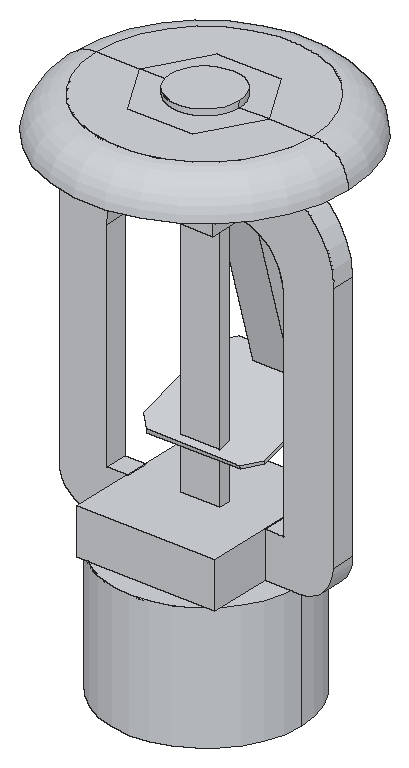
Revit family
Parameters (values of type "RASCO GFR UPRIGHT")
  Temperature Rating = 165 °F
  Response = 1
  RASCO SIN # = "R3127"
  RASCO Part # = "GFRULC"
  Pressure Rating = "175 PSI"
  Pressure Class = (empty or 0)
  Orifice Size = 17/32"
  Orifice = (empty or 0)
  Model = "GFR"
  Manufacturer = "RASCO"
  K-Factor = 8
  Description = "Chrome Finish"
  Coverage = (empty or 0)
Reference planes (in)
  plane 1 "Center (Front/Back)": y = 0
  plane 2: z = 0
  plane 3 "Center (Left/Right)": x = 0
Dimensions and locks (in)
  aligned and locked: plane 2 to level
Nested families (in)
  nested 1: "GFRULC" at (0, 0, 0), type "RASCO GFR UPRIGHT"
Connectors (in)
  piping at (0, 0, 0)
    settings: on nested 1, index 1, connector radius 1/2", flow factor 0, pipe flow 0 GPM, pressure drop 0.00 psi, fitting loss kfactor 0, connector angle 0.00°, fixture units 0, flow configuration 0, flow direction 0, fitting loss method 0, system type 7, connector reference index -1, connector utility 0, adjustable connector no, is connector primary yes, fitting loss table "", connector description ""
Definition of nested family "GFRULC"
  Parameters (values of type "RASCO GFR UPRIGHT")
    Type Comments = ""
    Temperature Rating = 0 °F
    Response = (empty or 0)
    Pressure Rating = "0"
    Pressure Class = (empty or 0)
    Orifice Size = 0"
    Orifice = (empty or 0)
    Model = ""
    Manufacturer = ""
    K-Factor = 0
    Description = ""
    Coverage = (empty or 0)
    Assembly Code = ""
  Reference planes (in)
    plane 1 "Center (Front/Back)": y = 0
    plane 2: z = 0
    plane 3 "ref.2": z = 0.6875
    plane 4 "ref.3": z = 0.9375
    plane 5: x = -0.38065
    plane 6: x = 0.36935
    plane 7 "ref. side 1": y = 0.06402
    plane 8 "ref. side 2": y = -0.06098
    plane 9 "ref.4": z = 1.875
    plane 10 "ref.5": z = 2.937
    plane 11 "center": x = -0.00574
    plane 12 "clip": through (0, 0.52703, 1.36085) normal (0, 0.2756, -0.9613)
  Forms (in)
    Extrusion 1, solid
      sketch origin (0, 0, 0) x (1, 0, 0) y (0, 1, 0)
        loop
          circle (0, 0) r 0.5221
      from 0 to 0.6875
    Extrusion 2, solid
      sketch origin (-0.12185, 0.05177, 0.6875) x (1, 0, 0) y (0, 1, 0)
        loop
          line (-0.2588, 0.356) -> (-0.2588, -0.4565) -> (0.4912, -0.4565) -> (0.4912, 0.356) -> (-0.2588, 0.356)
      from 0 to 0.25
    Extrusion 3, solid
      sketch origin (0, 0, 0) x (1, 0, 0) y (0, 0, 1)
        loop
          line (-0.49248, 0.9375) -> (-0.49248, 2.12511)
          arc (-0.49248, 2.12511) -> (-0.40724, 2.3309) -> (-0.20145, 2.41614) r 0.29103
          line (-0.20145, 2.41614) -> (0.18108, 2.41614)
          arc (0.18108, 2.41614) -> (0.38905, 2.33) -> (0.47519, 2.12203) r 0.29411
          line (0.47519, 2.12203) -> (0.47519, 0.9375) -> (0.36935, 0.9375) -> (0.36935, 0.6875) -> (0.55741, 0.6875)
          arc (0.55741, 0.6875) -> (0.69165, 0.7431) -> (0.74725, 0.87734) r 0.18984
          line (0.74725, 0.87734) -> (0.74725, 2.24517)
          arc (0.74725, 2.24517) -> (0.61669, 2.56036) -> (0.3015, 2.69091) r 0.44574
          line (0.3015, 2.69091) -> (-0.30719, 2.69091)
          arc (-0.30719, 2.69091) -> (-0.62225, 2.56041) -> (-0.75275, 2.24535) r 0.44556
          line (-0.75275, 2.24535) -> (-0.75275, 0.87876)
          arc (-0.75275, 0.87876) -> (-0.69673, 0.74352) -> (-0.56149, 0.6875) r 0.19126
          line (-0.56149, 0.6875) -> (-0.38065, 0.6875) -> (-0.38065, 0.9375) -> (-0.49248, 0.9375)
      from -0.06402 to 0.06098
    Extrusion 4, solid
      sketch origin (-0.00199, 0, 2.4375) x (-1, 0, 0) y (0, -1, 0)
        loop
          circle (0.00574, -0.00152) r 0.1875
      from -0.04371 to 0.4995
    Revolve 5, solid
      sketch origin (-0.0011, 0, 0.3803) x (1, 0, 0) y (0, 0, 1)
        loop
          line (-0.19255, 2.33367) -> (-0.19255, 2.52696) -> (-0.35809, 2.52696) -> (-0.59714, 2.52696)
          arc (-0.59714, 2.52696) -> (-0.73508, 2.47056) -> (-0.79397, 2.33367) r 0.19686
          line (-0.79397, 2.33367) -> (-0.19255, 2.33367)
        axis (-0.00574, 2.33367) -> (-0.00574, 2.52696)
      angle from 0 to 360
    Extrusion 6, solid
      sketch origin (0, 0, 0.9375) x (-1, 0, 0) y (0, -1, 0)
        loop
          line (-0.10175, -0.02852) -> (0.11324, -0.02852) -> (0.11324, 0.03101) -> (-0.10175, 0.03101) -> (-0.10175, -0.02852)
      from 0 to 1.45629
    Extrusion 7, solid
      sketch origin (-0.00574, 0, 0) x (0, 0, -1) y (0, -1, 0)
        loop
          line (-2.34418, 0.08154) -> (-2.34418, -0.18975)
          arc (-2.34418, -0.18975) -> (-2.3294, -0.23392) -> (-2.29102, -0.2603) r 0.07339
          line (-2.29102, -0.2603) -> (-1.29471, -0.54599) -> (-1.27823, -0.48852) -> (-2.23088, -0.21535)
          arc (-2.23088, -0.21535) -> (-2.26901, -0.18915) -> (-2.28369, -0.14527) r 0.07291
          line (-2.28369, -0.14527) -> (-2.28369, 0.08154) -> (-2.34418, 0.08154)
      from -0.1075 to 0.1075
    Extrusion 8, solid
      sketch origin (0, -0.32053, 1.11781) x (0, 0.961262, 0.275637) y (1, 0, 0)
        loop
          line (0.84059, -0.34079) -> (0.916, -0.26539) -> (0.916, 0.24563) -> (0.84145, 0.32018) -> (0.33718, 0.32018) -> (0.26218, 0.24518) -> (0.26218, -0.26617) -> (0.3368, -0.34079) -> (0.84059, -0.34079)
      from -0.01906 to 0
  Cuts and joins
    joined: Extrusion 1, Extrusion 2, Revolve 5
  Dimensions and locks (in)
    Revolve 5 sketch curve to Revolve 5 sketch curve = 0.78823"
    plane 10 "ref.5" to level = 2.937"
